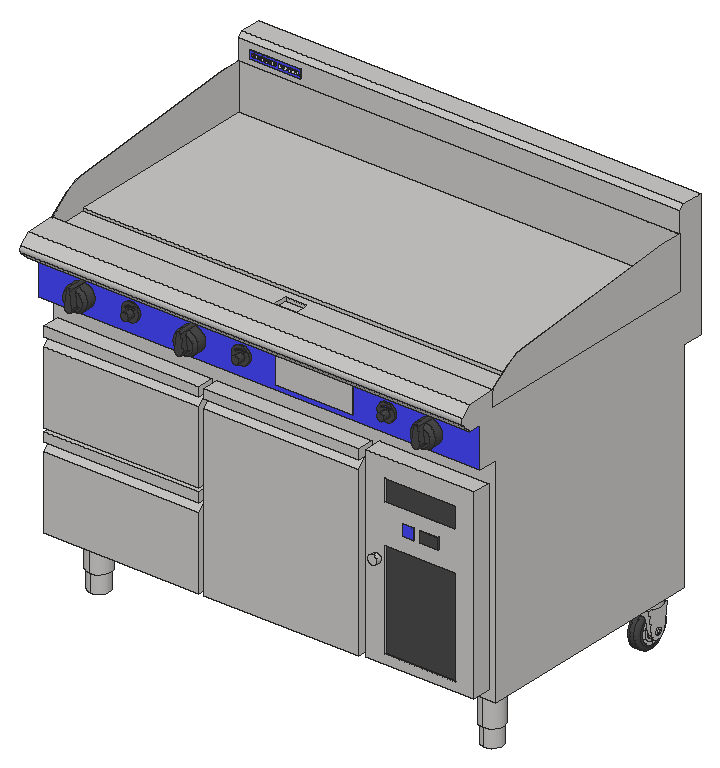
Revit family "QF_MOFFAT_BLUESEAL_CE_GP518-RB", category Specialty Equipment, Revit 2012
Parameters
  Weight in Pounds = 533  # constant formula
  Watts = Volts * FL Amps  # 414 W
  Volts = 230 V
  URL Cutsheet = "www.moffat.com"
  URL = "www.moffat.com"
  Type Mark [instance] = ""
  Status [instance] = ""
  Specification by User [instance] = ""
  Specification by Manufacturer = ""
  Show Logo [instance] = yes
  Show Clearance [instance] = yes
  Show Casters [instance] = yes
  Serial Number = ""
  Seismic Rating = ""
  SMACNA No = ""
  Revision Code [instance] = ""
  Refrigerant Type = "R134a"
  Phase = 1
  Omniclass Number and Title = ""
  Number of Poles = 1
  NAFEM Spec ID Number = ""
  Model = "GP518-RB"
  Min Ckt Ampacity = 0 A
  Mechanical Remarks [instance] = ""
  Mechanical Connection Type [instance] = ""
  Max Overcurrent Protection = 0 A
  Masterspec = ""
  Manufacturer = "MOFFAT BLUESEAL"
  Legs [instance] = not(Show Casters)  # no
  Item Number [instance] = ""
  Installed By [instance] = ""
  Identify Quantity as Lot [instance] = yes
  HP = ""
  Gas Size = 3/4"
  Gas RI Height [instance] = 0.0 mm
  Gas KW = 31
  Gas Input = 105700.0 Btu/h
  Gas Connection Height = 0.0 mm
  Furnished By [instance] = ""
  Foodservice Equipment Identifier [instance] = yes
  FL Amps = 1.8 A
  Elec Conn RI Height = 0.0 mm
  Elec Conn Connection Height = 0.0 mm
  Description = "1200MM GAS GRIDDLE PLATE ON REFRIGERATED BASE"
  Cycle = 50 Hz
  Conn Plug = ""
  Conn Conduit = yes
  CSI MasterFormat = ""
  CSI Master Format = ""
  Body Height [instance] = 915.0 mm
  Base Height [instance] = 150.0 mm
  Apparent Power = if(Phase = 3, Volts * FL Amps * 1.73, Volts * FL Amps)  # 414 VA
Reference planes
  plane 1 "BACK": y = 0
  plane 2: z = 0
  plane 3 "LEFT": x = 0
  plane 4 "RIGHT": x = 1200
  plane 5 "FRONT": y = -812
  plane 6 "TOP": z = 970
  plane 7 "Center Y": x = 600
  plane 8 "Center X": y = -406
  plane 9 "Base Height": z = 150
  plane 10: x = 1134
  plane 11: x = 65
  plane 12: z = 915
  plane 13: x = 973
  plane 14: y = -625
  plane 15: y = -100
  plane 16: z = 1085
  plane 17: x = 1181
Forms (mm)
  Extrusion 1, solid, material "QF_Finishes_Stainless Steel"
    sketch origin (0, 0, 0) x (0, 1, 0) y (0, 0, 1)
      loop
        line (0, 740) -> (0, 1085) -> (-57.5, 1085) -> (-70, 1072.5) -> (-70, 875) -> (-705, 875) -> (-705, 915) -> (-783.97, 915) -> (-808.485, 890.485)
        arc (-808.485, 890.485) -> (-811.999, 882) -> (-808.485, 873.515) r 12
        line (-808.485, 873.515) -> (-784.97, 850) -> (-749, 850) -> (-749, 740) -> (-697, 740) -> (-697, 150) -> (-57, 150) -> (-57, 740) -> (0, 740)
    from 0 to 1200
  Extrusion 2, solid, material "QF_Finishes_Stainless Steel"
    sketch origin (705, 3, 100) x (1, 0, 0) y (0, 1, 0)
      loop
        circle (365, -35) r 9.525
    from 555 to 640
  Revolve 3, solid, material "QF_Finishes_Stainless Steel"
    sketch origin (65, -735, 0) x (0, 1, 0) y (0, 0, 1)
      loop
        line (78.25, 150) -> (78.25, 50) -> (82.5, 50) -> (82.5, 0) -> (110, 0) -> (110, 150) -> (78.25, 150)
      axis (110, 150) -> (110, 0)
    angle from 0 to 360
  Revolve 4, solid, material "QF_Finishes_Stainless Steel"
    sketch origin (1134, -735, 0) x (0, 1, 0) y (0, 0, -1)
      loop
        line (78.25, -150) -> (110, -150) -> (110, 0) -> (82.5, 0) -> (82.5, -50) -> (78.25, -50) -> (78.25, -150)
      axis (110, -150) -> (110, 0)
    angle from 0 to 360
  Extrusion 5, solid, material "QF_Finishes_Stainless Steel"
    sketch origin (0, 0, 0) x (0, 1, 0) y (0, 0, 1)
      loop
        line (-754, 678) -> (-754, 653) -> (-709.18, 653) -> (-709.18, 678) -> (-754, 678)
      loop
        line (-754, 421) -> (-754, 396) -> (-709.18, 396) -> (-709.18, 421) -> (-754, 421)
    from 19 to 439
  Extrusion 6, solid, material "QF_Door-Drawer Clearances", visible <- "Show Clearance", detail levels coarse
    sketch origin (0, -747, 174) x (0, 0, 1) y (-1, 0, 0)
      loop
        line (0, -19) -> (0, -439) -> (247, -439) -> (247, -19) -> (0, -19)
      loop
        line (257, -19) -> (257, -439) -> (504, -439) -> (504, -19) -> (257, -19)
    from 0 to 304.8
  Extrusion 7, solid, material "QF_Finishes_Stainless Steel"
    sketch origin (0, 0, 0) x (0, 1, 0) y (0, 0, 1)
      loop
        line (-709.18, 174) -> (-709.18, 650.613) -> (-731.387, 650.613) -> (-754, 628) -> (-754, 174) -> (-709.18, 174)
    from 453 to 873
  Extrusion 8, solid, material "QF_Door-Drawer Clearances", visible <- "Show Clearance", detail levels coarse
    sketch origin (0, -754, 174) x (1, 0, 0) y (0, -1, 0)
      loop
        line (453, 0) -> (873, 0) -> (873, 420)
        arc (873, 420) -> (576.015, 296.985) -> (453, 0) r 420
    from 0 to -504
  Extrusion 9, solid, material "QF_Finishes_Stainless Steel"
    sketch origin (0, -57, 735) x (0, 0, 1) y (1, 0, 0)
      loop
        circle (-315, 920) r 6.35
    from 0 to 1.6
  Extrusion 10, solid, material "QF_Finishes_Stainless Steel"
    sketch origin (0, 0, 0) x (0, 1, 0) y (0, 0, 1)
      loop
        line (-754, 431) -> (-709.18, 431) -> (-709.18, 650.613) -> (-731.387, 650.613) -> (-754, 628) -> (-754, 431)
      loop
        line (-754, 174) -> (-709.18, 174) -> (-709.18, 393.613) -> (-731.387, 393.613) -> (-754, 371) -> (-754, 174)
    from 19 to 439
  Extrusion 11, solid, material "QF_Finishes_Stainless Steel"
    sketch origin (0, 0, 0) x (0, 1, 0) y (0, 0, 1)
      loop
        line (-709.18, 653) -> (-709.18, 678) -> (-754, 678) -> (-754, 653) -> (-709.18, 653)
    from 453 to 873
  Revolve 12, solid, material "QF_Finishes_Stainless Steel", visible <- "Legs"
    sketch origin (65.5, -166, 0) x (0, 1, 0) y (0, 0, 1)
      loop
        line (34.25, 150) -> (34.25, 50) -> (38.5, 50) -> (38.5, 0) -> (66, 0) -> (66, 150) -> (34.25, 150)
      axis (66, 150) -> (66, 0)
    angle from 0 to 360
  Revolve 13, solid, material "QF_Finishes_Stainless Steel", visible <- "Show Casters"
    sketch origin (16.276, -100.755, -12.8) x (1, 0, 0) y (0, 0, 1)
      loop
        line (14.841, 63.604) -> (83.584, 63.604) -> (83.584, 67.109) -> (82.314, 68.379) -> (80.79, 68.379) -> (80.79, 71.826) -> (68.644, 71.826) -> (68.644, 81.79) -> (65.088, 83.843) -> (63.738, 92.179) -> (65.881, 92.179) -> (65.881, 98.529) -> (65.088, 98.529) -> (65.088, 104.879)
        arc (65.088, 104.879) -> (62.298, 111.614) -> (55.563, 114.404) r 9.525
        line (55.563, 114.404) -> (42.863, 114.404)
        arc (42.863, 114.404) -> (36.127, 111.614) -> (33.338, 104.879) r 9.525
        line (33.338, 104.879) -> (33.338, 98.529) -> (32.544, 98.529) -> (32.544, 92.179) -> (34.687, 92.179) -> (33.352, 83.932) -> (29.782, 81.871) -> (29.782, 71.826) -> (17.635, 71.826) -> (17.635, 68.379) -> (16.111, 68.379) -> (14.841, 67.109) -> (14.841, 63.604)
      axis (14.841, 63.604) -> (83.584, 63.604)
    angle from 0 to 360
  Extrusion 14, solid, material "QF_Finishes_Stainless Steel", visible <- "Show Casters"
    sketch origin (72.001, 132.353, -8.783) x (0, 1, 0) y (0, 0, 1)
      loop
        line (-200.603, 118.783) -> (-264.103, 118.783) -> (-251.746, 53.895)
        arc (-251.746, 53.895) -> (-232.353, 38.783) -> (-212.959, 53.895) r 20
        line (-212.959, 53.895) -> (-200.603, 118.783)
    from -35.667 to 22.923
  Revolve 15, solid, material "QF_Finishes_Stainless Steel", visible <- "Show Casters"
    sketch origin (65.5, -204, 0) x (0, 1, 0) y (0, 0, 1)
      loop
        line (68.25, 150) -> (68.25, 110) -> (104, 110) -> (104, 150) -> (68.25, 150)
      axis (104, 150) -> (104, 110)
    angle from 0 to 360
  Revolve 16, solid, material "QF_Finishes_Stainless Steel", visible <- "Legs"
    sketch origin (65.5, -166, 0) x (0, 1, 0) y (0, 0, 1)
      loop
        line (34.25, 150) -> (34.25, 50) -> (38.5, 50) -> (38.5, 0) -> (66, 0) -> (66, 150) -> (34.25, 150)
      axis (66, 150) -> (66, 0)
    angle from 0 to 360
  Revolve 17, solid, material "QF_Finishes_Stainless Steel", visible <- "Legs"
    sketch origin (1134.5, -166, 0) x (0, 1, 0) y (0, 0, -1)
      loop
        line (34.25, -150) -> (66, -150) -> (66, 0) -> (38.5, 0) -> (38.5, -50) -> (34.25, -50) -> (34.25, -150)
      axis (66, -150) -> (66, 0)
    angle from 0 to 360
  Revolve 18, solid, material "QF_Finishes_Stainless Steel", visible <- "Show Casters"
    sketch origin (1183.724, -100.755, -12.8) x (-1, 0, 0) y (0, 0, -1)
      loop
        line (14.841, -63.604) -> (14.841, -67.109) -> (16.111, -68.379) -> (17.635, -68.379) -> (17.635, -71.826) -> (29.782, -71.826) -> (29.782, -81.871) -> (33.352, -83.932) -> (34.687, -92.179) -> (32.544, -92.179) -> (32.544, -98.529) -> (33.338, -98.529) -> (33.338, -104.879)
        arc (33.338, -104.879) -> (36.127, -111.614) -> (42.863, -114.404) r 9.525
        line (42.863, -114.404) -> (55.563, -114.404)
        arc (55.563, -114.404) -> (62.298, -111.614) -> (65.088, -104.879) r 9.525
        line (65.088, -104.879) -> (65.088, -98.529) -> (65.881, -98.529) -> (65.881, -92.179) -> (63.738, -92.179) -> (65.088, -83.843) -> (68.644, -81.79) -> (68.644, -71.826) -> (80.79, -71.826) -> (80.79, -68.379) -> (82.314, -68.379) -> (83.584, -67.109) -> (83.584, -63.604) -> (14.841, -63.604)
      axis (14.841, -63.604) -> (83.584, -63.604)
    angle from 0 to 360
  Extrusion 19, solid, material "QF_Finishes_Stainless Steel", visible <- "Show Casters"
    sketch origin (1127.999, 132.353, -8.783) x (0, 1, 0) y (0, 0, -1)
      loop
        line (-200.603, -118.783) -> (-212.959, -53.895)
        arc (-212.959, -53.895) -> (-232.353, -38.783) -> (-251.746, -53.895) r 20
        line (-251.746, -53.895) -> (-264.103, -118.783) -> (-200.603, -118.783)
    from -35.667 to 22.923
  Revolve 20, solid, material "QF_Finishes_Stainless Steel", visible <- "Show Casters"
    sketch origin (1134.5, -204, 0) x (0, 1, 0) y (0, 0, -1)
      loop
        line (68.25, -150) -> (104, -150) -> (104, -110) -> (68.25, -110) -> (68.25, -150)
      axis (104, -150) -> (104, -110)
    angle from 0 to 360
  Revolve 21, solid, material "QF_Finishes_Stainless Steel", visible <- "Legs"
    sketch origin (1134.5, -166, 0) x (0, 1, 0) y (0, 0, -1)
      loop
        line (34.25, -150) -> (66, -150) -> (66, 0) -> (38.5, 0) -> (38.5, -50) -> (34.25, -50) -> (34.25, -150)
      axis (66, -150) -> (66, 0)
    angle from 0 to 360
  Revolve 22, solid, material "QF_Finishes_Black"
    sketch origin (127.5, 7, 757.8) x (0, 1, 0) y (0, 0, -1)
      loop
        line (-789, -69.5) -> (-766, -69.5) -> (-766, -42) -> (-756, -42) -> (-756, -37) -> (-800, -37) -> (-800, -63.651) -> (-789, -69.5)
      axis (-800, -37) -> (-756, -37)
    angle from 0 to 360
  Extrusion 23, solid, material "QF_Finishes_Black"
    sketch origin (265.77, 0, 757.958) x (-1, 0, 0) y (0, 0, -1)
      loop
        line (127.85, -26.064) -> (133.27, -68.983)
        arc (133.27, -68.983) -> (138.269, -73.87) -> (143.267, -68.983) r 5
        line (143.267, -68.983) -> (148.756, -24.898)
        arc (148.756, -24.898) -> (137.684, -14.399) -> (127.85, -26.064) r 10.487
    from 759 to 808
  Revolve 24, solid, material "QF_Finishes_Black"
    sketch origin (427.5, 7, 757.8) x (0, 1, 0) y (0, 0, -1)
      loop
        line (-789, -69.5) -> (-766, -69.5) -> (-766, -42) -> (-756, -42) -> (-756, -37) -> (-800, -37) -> (-800, -63.651) -> (-789, -69.5)
      axis (-800, -37) -> (-756, -37)
    angle from 0 to 360
  Extrusion 25, solid, material "QF_Finishes_Black"
    sketch origin (565.77, 0, 757.958) x (-1, 0, 0) y (0, 0, -1)
      loop
        line (127.85, -26.064) -> (133.27, -68.983)
        arc (133.27, -68.983) -> (138.269, -73.87) -> (143.267, -68.983) r 5
        line (143.267, -68.983) -> (148.756, -24.898)
        arc (148.756, -24.898) -> (137.684, -14.399) -> (127.85, -26.064) r 10.487
    from 759 to 808
  Revolve 26, solid, material "QF_Finishes_Black"
    sketch origin (1072.616, 7, 757.8) x (0, 1, 0) y (0, 0, -1)
      loop
        line (-789, -69.5) -> (-766, -69.5) -> (-766, -42) -> (-756, -42) -> (-756, -37) -> (-800, -37) -> (-800, -63.651) -> (-789, -69.5)
      axis (-800, -37) -> (-756, -37)
    angle from 0 to 360
  Extrusion 27, solid, material "QF_Finishes_Black"
    sketch origin (1210.885, 0, 757.958) x (-1, 0, 0) y (0, 0, -1)
      loop
        line (127.85, -26.064) -> (133.27, -68.983)
        arc (133.27, -68.983) -> (138.269, -73.87) -> (143.267, -68.983) r 5
        line (143.267, -68.983) -> (148.756, -24.898)
        arc (148.756, -24.898) -> (137.684, -14.399) -> (127.85, -26.064) r 10.487
    from 759 to 808
  Extrusion 28, solid, material "QF_Finishes_Stainless Steel"
    sketch origin (0, -749, 850) x (0, 0, -1) y (1, 0, 0)
      loop
        line (9.201, 855) -> (9.201, 645) -> (96.1, 645) -> (96.1, 855) -> (9.201, 855)
    from 0 to 1
  Extrusion 29, solid, material "QF_Finishes_Black"
    sketch origin (0, -750, 850) x (0, 0, -1) y (1, 0, 0)
      loop
        line (9.201, 855) -> (9.201, 645) -> (14.201, 645) -> (14.201, 855) -> (9.201, 855)
    from 0 to 10
  Extrusion 30, solid, material "QF_Finishes_Stainless Steel"
    sketch origin (0, -697, 222.5) x (0, 0, -1) y (1, 0, 0)
      loop
        line (-455.5, 1181) -> (-455.5, 887) -> (48.5, 887) -> (48.5, 1181) -> (-455.5, 1181)
      loop
        line (23.5, 1131) -> (-241.5, 1131) -> (-241.5, 937) -> (23.5, 937) -> (23.5, 1131)
      loop
        line (-405.5, 1131) -> (-405.5, 937) -> (-345.5, 937) -> (-345.5, 1131) -> (-405.5, 1131)
    from 0 to 48
  Extrusion 31, solid, material "QF_Finishes_Black"
    sketch origin (0, -745, 222.5) x (0, 0, -1) y (1, 0, 0)
      loop
        line (-311.04, 1035.003) -> (-281.04, 1035.003) -> (-281.04, 1083.315) -> (-311.04, 1083.315) -> (-311.04, 1035.003)
    from 0 to 2
  Extrusion 32, solid, material "QF_Finishes_Stainless Steel"
    sketch origin (0, -745, 222.5) x (0, 0, -1) y (1, 0, 0)
      loop
        circle (-202.271, 914.856) r 12.395
    from 0 to 12.7
  Extrusion 33, solid, material "QF_Finishes_Vents"
    sketch origin (0, -697, 222.5) x (0, 0, 1) y (1, 0, 0)
      loop
        line (345.5, 937) -> (405.5, 937) -> (405.5, 1131) -> (345.5, 1131) -> (345.5, 937)
      loop
        line (241.5, 937) -> (241.5, 1131) -> (-23.5, 1131) -> (-23.5, 937) -> (241.5, 937)
    from 0 to -44.529
  Extrusion 34, solid, material "QF_Finishes_Blue"
    sketch origin (0, -745, 222.5) x (0, 0, -1) y (1, 0, 0)
      loop
        line (-311.04, 987.426) -> (-281.04, 987.426) -> (-281.04, 1017.426) -> (-311.04, 1017.426) -> (-311.04, 987.426)
    from 0 to 2
  Extrusion 35, solid, material "QF_Finishes_Black"
    sketch origin (17.5, -749, 864.095) x (0, 0, -1) y (1, 0, 0)
      loop
        circle (70, 235) r 24
      loop
        arc (60.1, 249.913) -> (52.064, 235.125) -> (59.882, 220.219) r 17.868
        arc (59.882, 220.219) -> (60.362, 219.934) -> (60.877, 220.149) r 0.621
        arc (60.877, 220.149) -> (62.314, 222.708) -> (62.658, 225.622) r 7.495
        arc (62.658, 225.622) -> (62.454, 226.55) -> (62.006, 227.388) r 3.472
        arc (62.006, 227.388) -> (59.714, 234.851) -> (61.844, 242.362) r 13.786
        arc (61.844, 242.362) -> (62.484, 243.632) -> (62.749, 245.028) r 5.101
        arc (62.749, 245.028) -> (62.378, 247.547) -> (61.084, 249.739) r 6.611
        arc (61.084, 249.739) -> (60.622, 249.997) -> (60.1, 249.913) r 0.806
    from 0 to 5
  Extrusion 36, solid, material "QF_Finishes_Black"
    sketch origin (17.5, -754, 864.095) x (0, 0, -1) y (1, 0, 0)
      loop
        circle (73.5, 235) r 10
    from 0 to 18.251
  Extrusion 37, solid, material "QF_Finishes_Black"
    sketch origin (318.125, -749, 864.095) x (0, 0, -1) y (1, 0, 0)
      loop
        circle (70, 235) r 24
      loop
        arc (60.1, 249.913) -> (52.064, 235.125) -> (59.882, 220.219) r 17.868
        arc (59.882, 220.219) -> (60.362, 219.934) -> (60.877, 220.149) r 0.621
        arc (60.877, 220.149) -> (62.314, 222.708) -> (62.658, 225.622) r 7.495
        arc (62.658, 225.622) -> (62.454, 226.55) -> (62.006, 227.388) r 3.472
        arc (62.006, 227.388) -> (59.714, 234.851) -> (61.844, 242.362) r 13.786
        arc (61.844, 242.362) -> (62.484, 243.632) -> (62.749, 245.028) r 5.101
        arc (62.749, 245.028) -> (62.378, 247.547) -> (61.084, 249.739) r 6.611
        arc (61.084, 249.739) -> (60.622, 249.997) -> (60.1, 249.913) r 0.806
    from 0 to 5
  Extrusion 38, solid, material "QF_Finishes_Black"
    sketch origin (318.125, -754, 864.095) x (0, 0, -1) y (1, 0, 0)
      loop
        circle (73.5, 235) r 10
    from 0 to 18.251
  Extrusion 39, solid, material "QF_Finishes_Black"
    sketch origin (713.125, -749, 864.095) x (0, 0, -1) y (1, 0, 0)
      loop
        circle (70, 235) r 24
      loop
        arc (60.1, 249.913) -> (52.064, 235.125) -> (59.882, 220.219) r 17.868
        arc (59.882, 220.219) -> (60.362, 219.934) -> (60.877, 220.149) r 0.621
        arc (60.877, 220.149) -> (62.314, 222.708) -> (62.658, 225.622) r 7.495
        arc (62.658, 225.622) -> (62.454, 226.55) -> (62.006, 227.388) r 3.472
        arc (62.006, 227.388) -> (59.714, 234.851) -> (61.844, 242.362) r 13.786
        arc (61.844, 242.362) -> (62.484, 243.632) -> (62.749, 245.028) r 5.101
        arc (62.749, 245.028) -> (62.378, 247.547) -> (61.084, 249.739) r 6.611
        arc (61.084, 249.739) -> (60.622, 249.997) -> (60.1, 249.913) r 0.806
    from 0 to 5
  Extrusion 40, solid, material "QF_Finishes_Black"
    sketch origin (713.125, -754, 864.095) x (0, 0, -1) y (1, 0, 0)
      loop
        circle (73.5, 235) r 10
    from 0 to 18.251
Lines and regions (mm)
  Split face 1
    outline origin (0, -22, 1085) x (0, 1, 0) y (-1, 0, 0)
      loop
        arc (-23.385, -1164.794) -> (-18.385, -1173.455) -> (-8.385, -1173.455) r 10
        line (-8.385, -1173.455) -> (-1.385, -1169.413)
        arc (-1.385, -1169.413) -> (2.275, -1165.753) -> (3.615, -1160.753) r 10
        line (3.615, -1160.753) -> (3.615, -932.794)
        arc (3.615, -932.794) -> (-1.385, -924.134) -> (-11.385, -924.134) r 10
        line (-11.385, -924.134) -> (-18.385, -928.176)
        arc (-18.385, -928.176) -> (-22.045, -931.836) -> (-23.385, -936.836) r 10
        line (-23.385, -936.836) -> (-23.385, -1164.794)
  Split face 2
    outline origin (0, -22, 1085) x (0, 1, 0) y (-1, 0, 0)
      loop
        arc (-23.385, -864.794) -> (-18.385, -873.455) -> (-8.385, -873.455) r 10
        line (-8.385, -873.455) -> (-1.385, -869.413)
        arc (-1.385, -869.413) -> (2.275, -865.753) -> (3.615, -860.753) r 10
        line (3.615, -860.753) -> (3.615, -632.794)
        arc (3.615, -632.794) -> (-1.385, -624.134) -> (-11.385, -624.134) r 10
        line (-11.385, -624.134) -> (-18.385, -628.176)
        arc (-18.385, -628.176) -> (-22.045, -631.836) -> (-23.385, -636.836) r 10
        line (-23.385, -636.836) -> (-23.385, -864.794)
  Split face 3
    outline origin (0, -22, 1085) x (0, 1, 0) y (-1, 0, 0)
      loop
        arc (-23.385, -564.794) -> (-18.385, -573.455) -> (-8.385, -573.455) r 10
        line (-8.385, -573.455) -> (-1.385, -569.413)
        arc (-1.385, -569.413) -> (2.275, -565.753) -> (3.615, -560.753) r 10
        line (3.615, -560.753) -> (3.615, -332.794)
        arc (3.615, -332.794) -> (-1.385, -324.134) -> (-11.385, -324.134) r 10
        line (-11.385, -324.134) -> (-18.385, -328.176)
        arc (-18.385, -328.176) -> (-22.045, -331.836) -> (-23.385, -336.836) r 10
        line (-23.385, -336.836) -> (-23.385, -564.794)
  Split face 4
    outline origin (0, -22, 1085) x (0, 1, 0) y (-1, 0, 0)
      loop
        arc (-23.385, -264.794) -> (-18.385, -273.455) -> (-8.385, -273.455) r 10
        line (-8.385, -273.455) -> (-1.385, -269.413)
        arc (-1.385, -269.413) -> (2.275, -265.753) -> (3.615, -260.753) r 10
        line (3.615, -260.753) -> (3.615, -32.794)
        arc (3.615, -32.794) -> (-1.385, -24.134) -> (-11.385, -24.134) r 10
        line (-11.385, -24.134) -> (-18.385, -28.176)
        arc (-18.385, -28.176) -> (-22.045, -31.836) -> (-23.385, -36.836) r 10
        line (-23.385, -36.836) -> (-23.385, -264.794)
  symbolic lines, style "QF_Door-Drawer Clearances"
    curve 1: line (19, -812, 150) -> (19, -1051.8, 150)
    curve 2: line (19, -1051.8, 150) -> (439, -1051.8, 150)
    curve 3: line (439, -1051.8, 150) -> (439, -812, 150)
    curve 4: arc (512.99, -970.316, 150) -> (477.409, -895.095, 150) -> (457.356, -814.336, 150) r 420
    curve 5: line (776.472, -812, 150) -> (512.99, -970.316, 150)
  symbolic lines, style "SpecialityEquipmentHiddenLines", visible <- "Show Casters"
    curve 6: line (78.456, -46.735, 0) -> (105.952, -62.61, 0)
    curve 7: line (27.656, -134.723, 0) -> (78.456, -46.735, 0)
    curve 8: line (55.152, -150.598, 0) -> (27.656, -134.723, 0)
    curve 9: line (105.952, -62.61, 0) -> (55.152, -150.598, 0)
    curve 10: line (1125.152, -150.598, 0) -> (1097.656, -134.723, 0)
    curve 11: line (1175.952, -62.61, 0) -> (1125.152, -150.598, 0)
    curve 52: line (1148.456, -46.735, 0) -> (1097.656, -134.723, 0)
    curve 53: line (1175.952, -62.61, 0) -> (1148.456, -46.735, 0)
  symbolic lines
    curve 12: line (32.794, -18.385, 0) -> (260.753, -18.385, 0)
    curve 13: arc (260.753, -18.385, 0) -> (265.753, -19.725, 0) -> (269.413, -23.385, 0) r 10
    curve 14: line (269.413, -23.385, 0) -> (273.455, -30.385, 0)
    curve 15: arc (273.455, -30.385, 0) -> (273.455, -40.385, 0) -> (264.794, -45.385, 0) r 10
    curve 16: line (264.794, -45.385, 0) -> (36.836, -45.385, 0)
    curve 17: arc (36.836, -45.385, 0) -> (31.836, -44.045, 0) -> (28.176, -40.385, 0) r 10
    curve 18: line (28.176, -40.385, 0) -> (24.134, -33.385, 0)
    curve 19: arc (24.134, -33.385, 0) -> (24.134, -23.385, 0) -> (32.794, -18.385, 0) r 10
    curve 20: line (560.753, -18.385, 0) -> (332.794, -18.385, 0)
    curve 21: arc (332.794, -18.385, 0) -> (324.134, -23.385, 0) -> (324.134, -33.385, 0) r 10
    curve 22: line (324.134, -33.385, 0) -> (328.176, -40.385, 0)
    curve 23: arc (328.176, -40.385, 0) -> (331.836, -44.045, 0) -> (336.836, -45.385, 0) r 10
    curve 24: line (336.836, -45.385, 0) -> (564.794, -45.385, 0)
    curve 25: arc (564.794, -45.385, 0) -> (573.455, -40.385, 0) -> (573.455, -30.385, 0) r 10
    curve 26: line (573.455, -30.385, 0) -> (569.413, -23.385, 0)
    curve 27: arc (569.413, -23.385, 0) -> (565.753, -19.725, 0) -> (560.753, -18.385, 0) r 10
    curve 28: line (632.794, -18.385, 0) -> (860.753, -18.385, 0)
    curve 29: arc (860.753, -18.385, 0) -> (865.753, -19.725, 0) -> (869.413, -23.385, 0) r 10
    curve 30: line (869.413, -23.385, 0) -> (873.455, -30.385, 0)
    curve 31: arc (873.455, -30.385, 0) -> (873.455, -40.385, 0) -> (864.794, -45.385, 0) r 10
    curve 32: line (864.794, -45.385, 0) -> (636.836, -45.385, 0)
    curve 33: arc (636.836, -45.385, 0) -> (631.836, -44.045, 0) -> (628.176, -40.385, 0) r 10
    curve 34: line (628.176, -40.385, 0) -> (624.134, -33.385, 0)
    curve 35: arc (624.134, -33.385, 0) -> (624.134, -23.385, 0) -> (632.794, -18.385, 0) r 10
    curve 36: line (1160.753, -18.385, 0) -> (932.794, -18.385, 0)
    curve 37: arc (932.794, -18.385, 0) -> (924.134, -23.385, 0) -> (924.134, -33.385, 0) r 10
    curve 38: line (924.134, -33.385, 0) -> (928.176, -40.385, 0)
    curve 39: arc (928.176, -40.385, 0) -> (931.836, -44.045, 0) -> (936.836, -45.385, 0) r 10
    curve 40: line (936.836, -45.385, 0) -> (1164.794, -45.385, 0)
    curve 41: arc (1164.794, -45.385, 0) -> (1173.455, -40.385, 0) -> (1173.455, -30.385, 0) r 10
    curve 42: line (1173.455, -30.385, 0) -> (1169.413, -23.385, 0)
    curve 43: arc (1169.413, -23.385, 0) -> (1165.753, -19.725, 0) -> (1160.753, -18.385, 0) r 10
    curve 44: line (1200, 0, 0) -> (0, 0, 0)
    curve 45: line (1200, -57, 0) -> (0, -57, 0)
    curve 46: line (0, -70, 0) -> (1200, -70, 0)
    curve 47: line (-1, -705, 0) -> (1199, -705, 0)
    curve 48: line (0, -783.97, 0) -> (1200, -783.97, 0)
    curve 49: line (0, -811.999, 0) -> (1200, -811.999, 0)
    curve 50: line (1200, -811.999, 0) -> (1200, 0, 0)
    curve 51: line (0, 0, 0) -> (0, -811.999, 0)
Dimensions and locks
  equal spacing: plane 3 "LEFT", plane 7 "Center Y", plane 4 "RIGHT"
  plane 3 "LEFT" to plane 4 "RIGHT" = 1200.0 mm
  equal spacing: plane 5 "FRONT", plane 8 "Center X", plane 1 "BACK"
  plane 5 "FRONT" to plane 1 "BACK" = 812.0 mm
  "Base Height": plane 9 "Base Height" to level
  plane 6 "TOP" to level = 970.0 mm
  plane 10 to plane 11 = 1069.0 mm
  level to Extrusion 2 = 655.0 mm
  Extrusion 1 to Extrusion 5 = 19.0 mm
  plane 14 to plane 15 = 525.0 mm
  plane 16 to plane 2 = 1085.0 mm
  Extrusion 9 sketch curve to plane 4 "RIGHT" = 280.0 mm
  Extrusion 9 sketch curve to plane 2 = 420.0 mm
  Revolve 13 sketch curve to Revolve 13 sketch curve = 50.8 mm
  Revolve 18 sketch curve to Revolve 18 sketch curve = 50.8 mm
  Extrusion 30 sketch curve to Extrusion 30 sketch curve = 294.0 mm
  Extrusion 2 sketch curve to plane 4 "RIGHT" = 130.0 mm
  aligned and locked: level to plane 2
Automatic sketch dimensions
  Extrusion 1 sketch curve to plane 12 = 0.0 mm
  Extrusion 1 sketch curve to plane 9 "Base Height" = 0.0 mm
  Extrusion 1 sketch curve to plane 1 "BACK" = 0.0 mm
  plane 16 to Extrusion 1 sketch curve = 0.0 mm
  plane 1 "BACK" to Extrusion 1 sketch curve = 57.5 mm
  Extrusion 1 sketch curve to Extrusion 1 sketch curve = 12.5 mm
  plane 15 to Extrusion 1 sketch curve = 43.0 mm
  Extrusion 1 sketch curve to plane 14 = 72.0 mm
  Extrusion 1 sketch curve to plane 12 = 40.0 mm
  Extrusion 1 sketch curve to plane 14 = 80.0 mm
  Extrusion 1 sketch curve to Extrusion 1 sketch curve = 44.0 mm
  Extrusion 1 sketch curve to plane 5 "FRONT" = 28.03 mm
  Extrusion 1 sketch curve to plane 5 "FRONT" = 27.03 mm
  Extrusion 1 sketch curve to plane 5 "FRONT" = 12.001 mm
  Extrusion 1 sketch curve to plane 5 "FRONT" = 3.515 mm  (x2)
  Extrusion 1 sketch curve to Extrusion 1 sketch curve = 135.0 mm  (x2)
  Extrusion 1 sketch curve to plane 12 = 65.0 mm
  Extrusion 1 sketch curve to Extrusion 1 sketch curve = 23.515 mm
  Extrusion 1 sketch curve to Extrusion 1 sketch curve = 8.485 mm
  Extrusion 1 sketch curve to plane 16 = 12.5 mm
  plane 1 "BACK" to Extrusion 2 sketch curve = 32.0 mm
  Revolve 3 sketch curve to plane 9 "Base Height" = 0.0 mm
  Revolve 3 sketch curve to level = 0.0 mm
  Revolve 3 sketch curve to plane 14 = 0.0 mm  (x2)
  Revolve 3 sketch curve to plane 14 = 27.5 mm
  Revolve 3 sketch curve to Revolve 3 sketch curve = 31.75 mm
  Revolve 3 sketch curve to Revolve 3 sketch curve = 55.0 mm
  level to Revolve 3 sketch curve = 50.0 mm
  Revolve 3 sketch curve to Revolve 3 sketch curve = 0.0 mm
  Revolve 4 sketch curve to plane 9 "Base Height" = 0.0 mm
  Revolve 4 sketch curve to level = 0.0 mm
  Revolve 4 sketch curve to plane 14 = 0.0 mm  (x2)
  Revolve 4 sketch curve to plane 14 = 27.5 mm
  Revolve 4 sketch curve to plane 14 = 31.75 mm
  level to Revolve 4 sketch curve = 50.0 mm
  Revolve 4 sketch curve to Revolve 4 sketch curve = 0.0 mm
  Revolve 4 sketch curve to Revolve 4 sketch curve = 55.0 mm
  Extrusion 5 sketch curve to plane 5 "FRONT" = 58.0 mm  (x2)
  Extrusion 5 sketch curve to Extrusion 5 sketch curve = 44.82 mm  (x2)
  plane 9 "Base Height" to Extrusion 5 sketch curve = 246.0 mm
  Extrusion 5 sketch curve to Extrusion 5 sketch curve = 25.0 mm  (x2)
  Extrusion 5 sketch curve to Extrusion 5 sketch curve = 232.0 mm
  plane 9 "Base Height" to Extrusion 6 sketch curve = 24.0 mm
  Extrusion 6 sketch curve to Extrusion 6 sketch curve = 247.0 mm
  Extrusion 6 sketch curve to Extrusion 6 sketch curve = 10.0 mm
  plane 3 "LEFT" to Extrusion 6 sketch curve = 19.0 mm  (x2)
  Extrusion 6 sketch curve to plane 12 = 237.0 mm
  Extrusion 6 sketch curve to plane 7 "Center Y" = 161.0 mm
  Extrusion 6 sketch curve to Extrusion 6 sketch curve = 0.0 mm
  Extrusion 7 sketch curve to plane 5 "FRONT" = 58.0 mm
  Extrusion 7 sketch curve to Extrusion 7 sketch curve = 22.613 mm  (x2)
  Extrusion 7 sketch curve to Extrusion 7 sketch curve = 22.207 mm
  plane 9 "Base Height" to Extrusion 7 sketch curve = 24.0 mm
  Extrusion 7 sketch curve to plane 12 = 287.0 mm
  Extrusion 8 sketch curve to Extrusion 7 = 0.0 mm  (x3)
  plane 5 "FRONT" to curve 5 = 0.0 mm
  plane 5 "FRONT" to curve 3 = 0.0 mm
  plane 5 "FRONT" to curve 1 = 0.0 mm
  curve 4 to plane 13 = 100.0 mm
  curve 4 to curve 5 = 96.528 mm
  curve 4 to plane 7 "Center Y" = 87.01 mm
  plane 5 "FRONT" to curve 4 = 2.336 mm
  curve 4 to plane 7 "Center Y" = 142.644 mm
  curve 4 to curve 3 = 18.356 mm
  plane 3 "LEFT" to curve 1 = 19.0 mm
  curve 4 to plane 5 "FRONT" = 58.0 mm
  curve 1 to curve 2 = 239.8 mm
  Extrusion 10 sketch curve to plane 5 "FRONT" = 58.0 mm  (x2)
  Extrusion 10 sketch curve to Extrusion 10 sketch curve = 22.613 mm  (x4)
  Extrusion 10 sketch curve to Extrusion 10 sketch curve = 22.207 mm
  Extrusion 10 sketch curve to Extrusion 10 sketch curve = 44.82 mm
  plane 9 "Base Height" to Extrusion 10 sketch curve = 24.0 mm
  Extrusion 10 sketch curve to Extrusion 10 sketch curve = 197.0 mm  (x2)
  Extrusion 10 sketch curve to Extrusion 10 sketch curve = 37.387 mm
  Extrusion 11 sketch curve to plane 5 "FRONT" = 58.0 mm
  Extrusion 11 sketch curve to Extrusion 11 sketch curve = 44.82 mm
  Extrusion 11 sketch curve to plane 12 = 262.0 mm
  Extrusion 11 sketch curve to Extrusion 11 sketch curve = 25.0 mm
  Revolve 12 sketch curve to plane 9 "Base Height" = 0.0 mm
  Revolve 12 sketch curve to level = 0.0 mm
  Revolve 12 sketch curve to plane 15 = 0.0 mm  (x2)
  Revolve 12 sketch curve to plane 15 = 27.5 mm
  Revolve 12 sketch curve to plane 15 = 31.75 mm
  Revolve 12 sketch curve to Revolve 12 sketch curve = 55.0 mm
  level to Revolve 12 sketch curve = 50.0 mm
  Revolve 12 sketch curve to Revolve 12 sketch curve = 0.0 mm
  plane 3 "LEFT" to Revolve 13 sketch curve = 31.118 mm
  Revolve 13 sketch curve to Revolve 13 sketch curve = 1.27 mm  (x4)
  Revolve 13 sketch curve to Revolve 13 sketch curve = 1.524 mm  (x2)
  Revolve 13 sketch curve to Revolve 13 sketch curve = 12.146 mm  (x2)
  Revolve 13 sketch curve to plane 11 = 16.18 mm
  Revolve 13 sketch curve to Revolve 13 sketch curve = 0.794 mm  (x2)
  Revolve 13 sketch curve to Revolve 13 sketch curve = 3.57 mm
  Revolve 13 sketch curve to Revolve 13 sketch curve = 2.143 mm
  Revolve 13 sketch curve to plane 11 = 5.861 mm
  plane 11 to Revolve 13 sketch curve = 5.63 mm
  plane 11 to Revolve 13 sketch curve = 6.839 mm
  plane 11 to Revolve 13 sketch curve = 15.015 mm
  Revolve 13 sketch curve to Revolve 13 sketch curve = 1.349 mm  (x2)
  Revolve 13 sketch curve to Revolve 13 sketch curve = 3.556 mm
  Revolve 13 sketch curve to Revolve 13 sketch curve = 33.32 mm
  level to Revolve 13 sketch curve = 50.804 mm
  Revolve 13 sketch curve to Revolve 13 sketch curve = 0.0 mm
  Revolve 13 sketch curve to Revolve 13 sketch curve = 3.505 mm  (x2)
  Revolve 13 sketch curve to Revolve 13 sketch curve = 3.447 mm  (x2)
  Revolve 13 sketch curve to Revolve 13 sketch curve = 9.964 mm
  Revolve 13 sketch curve to Revolve 13 sketch curve = 10.045 mm
  Revolve 13 sketch curve to Revolve 13 sketch curve = 2.053 mm
  Revolve 13 sketch curve to Revolve 13 sketch curve = 2.061 mm
  Revolve 13 sketch curve to Revolve 13 sketch curve = 8.247 mm
  Revolve 13 sketch curve to Revolve 13 sketch curve = 8.336 mm
  Revolve 13 sketch curve to Revolve 13 sketch curve = 6.35 mm  (x2)
  Extrusion 14 sketch curve to plane 15 = 0.0 mm
  Extrusion 14 sketch curve to plane 15 = 19.393 mm
  Extrusion 14 sketch curve to plane 15 = 31.75 mm
  plane 15 to Extrusion 14 sketch curve = 19.393 mm
  plane 15 to Extrusion 14 sketch curve = 31.75 mm
  level to Extrusion 14 sketch curve = 45.111 mm
  Extrusion 14 sketch curve to Extrusion 14 sketch curve = 4.889 mm
  Extrusion 14 sketch curve to plane 9 "Base Height" = 40.0 mm
  Revolve 15 sketch curve to plane 9 "Base Height" = 0.0 mm
  Revolve 15 sketch curve to plane 15 = 0.0 mm  (x2)
  Revolve 15 sketch curve to plane 15 = 35.75 mm
  Revolve 15 sketch curve to plane 9 "Base Height" = 40.0 mm
  level to Revolve 15 sketch curve = 50.0 mm
  Revolve 15 sketch curve to level = 55.0 mm
  Revolve 16 sketch curve to plane 9 "Base Height" = 0.0 mm
  Revolve 16 sketch curve to level = 0.0 mm
  Revolve 16 sketch curve to plane 15 = 0.0 mm  (x2)
  Revolve 16 sketch curve to Revolve 16 sketch curve = 27.5 mm
  Revolve 16 sketch curve to Revolve 16 sketch curve = 31.75 mm
  Revolve 16 sketch curve to Revolve 16 sketch curve = 55.0 mm
  level to Revolve 16 sketch curve = 50.0 mm
  Revolve 16 sketch curve to Revolve 16 sketch curve = 0.0 mm
  Revolve 17 sketch curve to plane 9 "Base Height" = 0.0 mm
  Revolve 17 sketch curve to level = 0.0 mm
  Revolve 17 sketch curve to plane 15 = 0.0 mm  (x2)
  Revolve 17 sketch curve to plane 15 = 27.5 mm
  Revolve 17 sketch curve to plane 15 = 31.75 mm
  level to Revolve 17 sketch curve = 50.0 mm
  Revolve 17 sketch curve to Revolve 17 sketch curve = 0.0 mm
  Revolve 17 sketch curve to Revolve 17 sketch curve = 55.0 mm
  plane 4 "RIGHT" to Revolve 18 sketch curve = 31.118 mm
  Revolve 18 sketch curve to Revolve 18 sketch curve = 1.27 mm  (x4)
  Revolve 18 sketch curve to Revolve 18 sketch curve = 1.524 mm  (x2)
  Revolve 18 sketch curve to Revolve 18 sketch curve = 12.146 mm  (x2)
  Revolve 18 sketch curve to Revolve 18 sketch curve = 2.762 mm
  Revolve 18 sketch curve to Revolve 18 sketch curve = 0.794 mm  (x2)
  Revolve 18 sketch curve to Revolve 18 sketch curve = 3.57 mm
  Revolve 18 sketch curve to Revolve 18 sketch curve = 2.143 mm
  plane 10 to Revolve 18 sketch curve = 6.861 mm
  Revolve 18 sketch curve to plane 10 = 4.63 mm
  Revolve 18 sketch curve to plane 10 = 5.839 mm
  Revolve 18 sketch curve to plane 10 = 14.015 mm
  Revolve 18 sketch curve to Revolve 18 sketch curve = 1.349 mm  (x2)
  Revolve 18 sketch curve to Revolve 18 sketch curve = 3.556 mm
  Revolve 18 sketch curve to Revolve 18 sketch curve = 33.32 mm
  Revolve 18 sketch curve to plane 9 "Base Height" = 48.396 mm
  Revolve 18 sketch curve to Revolve 18 sketch curve = 6.35 mm  (x4)
  Revolve 18 sketch curve to Revolve 18 sketch curve = 8.247 mm
  Revolve 18 sketch curve to Revolve 18 sketch curve = 8.336 mm
  Revolve 18 sketch curve to Revolve 18 sketch curve = 2.061 mm
  Revolve 18 sketch curve to Revolve 18 sketch curve = 2.053 mm
  Revolve 18 sketch curve to Revolve 18 sketch curve = 10.045 mm
  Revolve 18 sketch curve to Revolve 18 sketch curve = 9.964 mm
  Revolve 18 sketch curve to Revolve 18 sketch curve = 3.447 mm  (x2)
  Revolve 18 sketch curve to Revolve 18 sketch curve = 3.505 mm
  Extrusion 19 sketch curve to plane 15 = 0.0 mm
  Extrusion 19 sketch curve to plane 15 = 19.393 mm
  Extrusion 19 sketch curve to plane 15 = 31.75 mm
  plane 15 to Extrusion 19 sketch curve = 19.393 mm
  plane 15 to Extrusion 19 sketch curve = 31.75 mm
  Extrusion 19 sketch curve to plane 9 "Base Height" = 40.0 mm
  level to Extrusion 19 sketch curve = 50.0 mm
  Extrusion 19 sketch curve to Extrusion 19 sketch curve = 4.889 mm
  Revolve 20 sketch curve to plane 9 "Base Height" = 0.0 mm
  Revolve 20 sketch curve to plane 15 = 0.0 mm  (x2)
  Revolve 20 sketch curve to plane 15 = 35.75 mm
  Revolve 20 sketch curve to plane 9 "Base Height" = 40.0 mm
  level to Revolve 20 sketch curve = 50.0 mm
  Revolve 20 sketch curve to level = 55.0 mm
  Revolve 21 sketch curve to plane 9 "Base Height" = 0.0 mm
  Revolve 21 sketch curve to level = 0.0 mm
  Revolve 21 sketch curve to plane 15 = 0.0 mm  (x2)
  Revolve 21 sketch curve to Revolve 21 sketch curve = 27.5 mm
  Revolve 21 sketch curve to Revolve 21 sketch curve = 31.75 mm
  level to Revolve 21 sketch curve = 50.0 mm
  Revolve 21 sketch curve to Revolve 21 sketch curve = 0.0 mm
  Revolve 21 sketch curve to Revolve 21 sketch curve = 55.0 mm
  Split face 1 sketch curve to Extrusion 1 = 12.115 mm
  Split face 1 sketch curve to Split face 1 sketch curve = 5.0 mm  (x3)
  Split face 1 sketch curve to Split face 1 sketch curve = 10.0 mm  (x2)
  Split face 1 sketch curve to Split face 1 sketch curve = 7.0 mm  (x4)
  Split face 1 sketch curve to Extrusion 1 = 26.545 mm
  Split face 1 sketch curve to Split face 1 sketch curve = 4.041 mm  (x2)
  Split face 1 sketch curve to Split face 1 sketch curve = 223.917 mm
  Split face 2 sketch curve to Extrusion 1 = 12.115 mm
  Split face 2 sketch curve to Split face 2 sketch curve = 5.0 mm  (x3)
  Split face 2 sketch curve to Split face 2 sketch curve = 10.0 mm  (x2)
  Split face 2 sketch curve to Split face 2 sketch curve = 7.0 mm  (x4)
  Split face 2 sketch curve to Extrusion 1 = 326.545 mm
  Split face 2 sketch curve to Split face 2 sketch curve = 4.041 mm  (x2)
  Split face 2 sketch curve to Split face 2 sketch curve = 223.917 mm
  Split face 3 sketch curve to Extrusion 1 = 12.115 mm
  Split face 3 sketch curve to Split face 3 sketch curve = 5.0 mm  (x3)
  Split face 3 sketch curve to Split face 3 sketch curve = 10.0 mm  (x2)
  Split face 3 sketch curve to Split face 3 sketch curve = 7.0 mm  (x4)
  Split face 3 sketch curve to Extrusion 1 = 573.455 mm
  Split face 3 sketch curve to Split face 3 sketch curve = 4.041 mm  (x2)
  Split face 3 sketch curve to Split face 3 sketch curve = 223.917 mm
  Split face 4 sketch curve to Extrusion 1 = 12.115 mm
  Split face 4 sketch curve to Split face 4 sketch curve = 5.0 mm  (x3)
  Split face 4 sketch curve to Split face 4 sketch curve = 10.0 mm  (x2)
  Split face 4 sketch curve to Split face 4 sketch curve = 7.0 mm  (x4)
  Split face 4 sketch curve to Extrusion 1 = 273.455 mm
  Split face 4 sketch curve to Split face 4 sketch curve = 4.041 mm  (x2)
  Split face 4 sketch curve to Extrusion 1 = 36.836 mm
  curve 45 to plane 3 "LEFT" = 0.0 mm
  curve 48 to plane 4 "RIGHT" = 0.0 mm
  plane 1 "BACK" to curve 44 = 0.0 mm
  curve 47 to plane 3 "LEFT" = 1.0 mm
  plane 3 "LEFT" to curve 18 = 24.134 mm
  plane 3 "LEFT" to curve 8 = 27.656 mm
  curve 19 to curve 17 = 4.041 mm
  curve 18 to curve 19 = 8.66 mm
  curve 17 to curve 17 = 8.66 mm
  curve 8 to plane 11 = 9.848 mm
  plane 11 to curve 7 = 13.456 mm
  plane 1 "BACK" to curve 12 = 18.385 mm
  curve 6 to curve 12 = 154.801 mm
  curve 13 to curve 15 = 4.041 mm  (x2)
  curve 13 to curve 13 = 8.66 mm
  curve 14 to curve 21 = 50.679 mm
  curve 22 to curve 23 = 4.041 mm
  curve 21 to curve 21 = 8.66 mm
  curve 23 to curve 23 = 8.66 mm
  plane 1 "BACK" to curve 27 = 18.385 mm
  curve 27 to plane 7 "Center Y" = 39.247 mm
  curve 27 to curve 24 = 4.041 mm
  plane 1 "BACK" to curve 26 = 23.385 mm
  curve 27 to curve 26 = 8.66 mm
  curve 26 to curve 25 = 4.041 mm
  plane 7 "Center Y" to curve 35 = 24.134 mm
  curve 35 to curve 34 = 4.041 mm
  curve 34 to curve 28 = 8.66 mm
  curve 33 to curve 32 = 8.66 mm
  plane 1 "BACK" to curve 29 = 18.385 mm
  curve 29 to plane 13 = 112.247 mm
  curve 29 to curve 31 = 4.041 mm
  curve 29 to curve 29 = 8.66 mm
  plane 1 "BACK" to curve 30 = 30.385 mm
  curve 29 to curve 30 = 4.041 mm
  curve 38 to plane 13 = 48.866 mm
  curve 37 to curve 38 = 4.041 mm
  curve 37 to curve 37 = 8.66 mm
  curve 37 to curve 39 = 4.041 mm
  curve 52 to plane 10 = 36.344 mm
  curve 10 to plane 10 = 8.848 mm
  plane 10 to curve 53 = 14.456 mm
  curve 53 to curve 43 = 12.297 mm
  curve 43 to curve 41 = 4.041 mm
  curve 43 to curve 42 = 8.66 mm
  curve 43 to curve 42 = 4.041 mm
  plane 4 "RIGHT" to curve 47 = 1.0 mm
  curve 34 to curve 28 = 15.0 mm
  curve 18 to curve 12 = 15.0 mm
  curve 21 to curve 20 = 15.0 mm
  plane 1 "BACK" to curve 38 = 33.385 mm
  curve 31 to curve 31 = 5.0 mm
  curve 25 to curve 27 = 7.0 mm
  curve 15 to curve 12 = 17.0 mm
  curve 17 to curve 19 = 7.0 mm
  curve 33 to curve 35 = 7.0 mm
  curve 23 to curve 21 = 7.0 mm
  plane 1 "BACK" to curve 41 = 35.385 mm
  curve 39 to curve 37 = 2.0 mm
  curve 39 to curve 37 = 7.0 mm  (x2)
  curve 18 to curve 19 = 7.0 mm
  curve 22 to curve 22 = 7.0 mm
  curve 53 to curve 41 = 1.35 mm
  curve 6 to curve 17 = 1.35 mm
  curve 45 to curve 41 = 11.615 mm
  curve 53 to curve 41 = 17.225 mm
  curve 6 to curve 6 = 15.875 mm
  curve 46 to curve 45 = 13.0 mm
  curve 47 to plane 14 = 80.0 mm
  curve 48 to plane 5 "FRONT" = 28.03 mm
  curve 51 to plane 5 "FRONT" = 0.001 mm
  curve 31 to curve 29 = 7.0 mm
  curve 15 to curve 13 = 7.0 mm
  curve 41 to curve 43 = 7.0 mm
  Revolve 22 sketch curve to plane 5 "FRONT" = 19.0 mm
  Revolve 22 sketch curve to Revolve 22 sketch curve = 0.0 mm  (x2)
  Revolve 22 sketch curve to Revolve 22 sketch curve = 11.0 mm
  Revolve 22 sketch curve to Revolve 22 sketch curve = 12.7 mm
  Revolve 22 sketch curve to Revolve 22 sketch curve = 23.0 mm
  Revolve 22 sketch curve to Revolve 22 sketch curve = 10.0 mm
  Revolve 22 sketch curve to plane 12 = 87.7 mm
  Revolve 22 sketch curve to Revolve 22 sketch curve = 5.849 mm
  Revolve 22 sketch curve to Revolve 22 sketch curve = 27.5 mm
  Revolve 22 sketch curve to Revolve 22 sketch curve = 5.0 mm
  plane 11 to Extrusion 23 sketch curve = 72.92 mm
  Extrusion 23 sketch curve to Extrusion 23 sketch curve = 5.421 mm
  Extrusion 23 sketch curve to Extrusion 23 sketch curve = 10.419 mm
  Extrusion 23 sketch curve to Extrusion 23 sketch curve = 4.999 mm  (x2)
  Extrusion 23 sketch curve to plane 12 = 88.059 mm
  Extrusion 23 sketch curve to Extrusion 23 sketch curve = 10.487 mm
  Extrusion 23 sketch curve to Extrusion 23 sketch curve = 0.113 mm
  Extrusion 23 sketch curve to Extrusion 23 sketch curve = 42.919 mm
  Extrusion 23 sketch curve to Extrusion 23 sketch curve = 1.167 mm
  Revolve 24 sketch curve to plane 5 "FRONT" = 19.0 mm
  Revolve 24 sketch curve to Revolve 24 sketch curve = 0.0 mm  (x2)
  Revolve 24 sketch curve to Revolve 24 sketch curve = 11.0 mm
  Revolve 24 sketch curve to Revolve 24 sketch curve = 12.7 mm
  Revolve 24 sketch curve to Revolve 24 sketch curve = 23.0 mm
  Revolve 24 sketch curve to Revolve 24 sketch curve = 10.0 mm
  Revolve 24 sketch curve to plane 12 = 87.7 mm
  Revolve 24 sketch curve to Revolve 24 sketch curve = 5.849 mm
  Revolve 24 sketch curve to Revolve 24 sketch curve = 27.5 mm
  Revolve 24 sketch curve to Revolve 24 sketch curve = 5.0 mm
  Extrusion 25 sketch curve to plane 7 "Center Y" = 162.08 mm
  Extrusion 25 sketch curve to plane 7 "Center Y" = 167.501 mm
  Extrusion 25 sketch curve to plane 7 "Center Y" = 172.499 mm  (x2)
  Extrusion 25 sketch curve to plane 7 "Center Y" = 177.498 mm
  Extrusion 25 sketch curve to plane 7 "Center Y" = 182.987 mm
  Extrusion 25 sketch curve to plane 12 = 88.059 mm
  Extrusion 25 sketch curve to Extrusion 25 sketch curve = 0.113 mm
  Extrusion 25 sketch curve to Extrusion 25 sketch curve = 42.919 mm
  Extrusion 25 sketch curve to Extrusion 25 sketch curve = 1.167 mm
  Revolve 26 sketch curve to plane 5 "FRONT" = 19.0 mm
  Revolve 26 sketch curve to Revolve 26 sketch curve = 0.0 mm  (x2)
  Revolve 26 sketch curve to Revolve 26 sketch curve = 11.0 mm
  Revolve 26 sketch curve to Revolve 26 sketch curve = 12.7 mm
  Revolve 26 sketch curve to Revolve 26 sketch curve = 23.0 mm
  Revolve 26 sketch curve to Revolve 26 sketch curve = 10.0 mm
  Revolve 26 sketch curve to plane 12 = 87.7 mm
  Revolve 26 sketch curve to Revolve 26 sketch curve = 5.849 mm
  Revolve 26 sketch curve to Revolve 26 sketch curve = 27.5 mm
  Revolve 26 sketch curve to Revolve 26 sketch curve = 5.0 mm
  plane 13 to Extrusion 27 sketch curve = 110.036 mm
  plane 13 to Extrusion 27 sketch curve = 104.615 mm
  plane 13 to Extrusion 27 sketch curve = 99.617 mm
  Extrusion 27 sketch curve to Extrusion 27 sketch curve = 4.999 mm
  plane 13 to Extrusion 27 sketch curve = 94.618 mm
  plane 13 to Extrusion 27 sketch curve = 89.129 mm
  Extrusion 27 sketch curve to plane 12 = 88.059 mm
  Extrusion 27 sketch curve to Extrusion 27 sketch curve = 0.113 mm
  Extrusion 27 sketch curve to Extrusion 27 sketch curve = 42.919 mm
  Extrusion 27 sketch curve to Extrusion 27 sketch curve = 1.167 mm
  Extrusion 28 sketch curve to plane 12 = 74.201 mm
  Extrusion 28 sketch curve to Extrusion 28 sketch curve = 86.899 mm
  plane 7 "Center Y" to Extrusion 28 sketch curve = 45.0 mm
  Extrusion 28 sketch curve to plane 13 = 118.0 mm
  Extrusion 29 sketch curve to Extrusion 28 = 0.0 mm  (x2)
  Extrusion 28 to Extrusion 29 sketch curve = 0.0 mm
  Extrusion 29 sketch curve to Extrusion 28 = 5.0 mm
  Extrusion 30 sketch curve to plane 17 = 0.0 mm
  Extrusion 30 sketch curve to plane 12 = 237.0 mm
  Extrusion 30 sketch curve to Extrusion 30 sketch curve = 50.0 mm
  Extrusion 30 sketch curve to Extrusion 30 sketch curve = 60.0 mm
  Extrusion 30 sketch curve to plane 13 = 36.0 mm  (x2)
  Extrusion 30 sketch curve to Extrusion 30 sketch curve = 104.0 mm
  plane 9 "Base Height" to Extrusion 30 sketch curve = 49.0 mm
  plane 9 "Base Height" to Extrusion 30 sketch curve = 24.0 mm
  Extrusion 30 sketch curve to plane 10 = 3.0 mm  (x2)
  Extrusion 31 sketch curve to Extrusion 30 = 34.46 mm
  Extrusion 31 sketch curve to Extrusion 31 sketch curve = 30.0 mm
  Extrusion 30 to Extrusion 31 sketch curve = 95.997 mm
  Extrusion 30 to Extrusion 31 sketch curve = 47.685 mm
  Extrusion 30 to Extrusion 32 sketch curve = 39.229 mm
  Extrusion 32 sketch curve to Extrusion 30 = 22.144 mm
  Extrusion 33 sketch curve to Extrusion 30 = 0.0 mm  (x6)
  Extrusion 30 to Extrusion 33 sketch curve = 0.0 mm  (x2)
  Extrusion 34 sketch curve to Extrusion 30 = 34.46 mm
  Extrusion 34 sketch curve to Extrusion 34 sketch curve = 30.0 mm  (x2)
  Extrusion 30 to Extrusion 34 sketch curve = 50.426 mm
  Extrusion 35 sketch curve to plane 12 = 106.092 mm
  Extrusion 35 sketch curve to Extrusion 35 sketch curve = 0.958 mm
  Extrusion 35 sketch curve to Extrusion 35 sketch curve = 1.509 mm
  Extrusion 35 sketch curve to Extrusion 35 sketch curve = 4.01 mm
  Extrusion 35 sketch curve to Extrusion 35 sketch curve = 0.685 mm
  Extrusion 35 sketch curve to Extrusion 35 sketch curve = 2.447 mm
  Extrusion 35 sketch curve to Extrusion 35 sketch curve = 0.524 mm
  Extrusion 35 sketch curve to Extrusion 35 sketch curve = 0.381 mm
  Extrusion 35 sketch curve to Extrusion 35 sketch curve = 0.472 mm
  Extrusion 35 sketch curve to Extrusion 35 sketch curve = 0.0 mm  (x5)
  Extrusion 35 sketch curve to Extrusion 35 sketch curve = 0.602 mm
  Extrusion 35 sketch curve to Extrusion 35 sketch curve = 4.19 mm
  Extrusion 35 sketch curve to Extrusion 35 sketch curve = 2.809 mm
  Extrusion 35 sketch curve to Extrusion 35 sketch curve = 0.652 mm
  Extrusion 35 sketch curve to Extrusion 35 sketch curve = 0.905 mm
  Extrusion 35 sketch curve to Extrusion 35 sketch curve = 8.087 mm
  Extrusion 35 sketch curve to Extrusion 35 sketch curve = 0.069 mm
  Extrusion 35 sketch curve to Extrusion 35 sketch curve = 3.5 mm
  plane 11 to Extrusion 35 sketch curve = 172.649 mm
  Extrusion 35 sketch curve to Extrusion 35 sketch curve = 0.07 mm
  Extrusion 35 sketch curve to Extrusion 35 sketch curve = 7.606 mm
  Extrusion 35 sketch curve to Extrusion 35 sketch curve = 0.007 mm
  Extrusion 37 sketch curve to plane 7 "Center Y" = 56.848 mm
  Extrusion 37 sketch curve to plane 12 = 106.092 mm
  Extrusion 37 sketch curve to Extrusion 37 sketch curve = 0.958 mm
  Extrusion 37 sketch curve to Extrusion 37 sketch curve = 1.509 mm
  Extrusion 37 sketch curve to Extrusion 37 sketch curve = 4.01 mm
  Extrusion 37 sketch curve to Extrusion 37 sketch curve = 0.685 mm
  Extrusion 37 sketch curve to Extrusion 37 sketch curve = 2.447 mm
  Extrusion 37 sketch curve to Extrusion 37 sketch curve = 0.524 mm
  Extrusion 37 sketch curve to Extrusion 37 sketch curve = 0.381 mm
  Extrusion 37 sketch curve to Extrusion 37 sketch curve = 0.472 mm
  Extrusion 37 sketch curve to Extrusion 37 sketch curve = 0.0 mm  (x5)
  Extrusion 37 sketch curve to Extrusion 37 sketch curve = 0.602 mm
  Extrusion 37 sketch curve to Extrusion 37 sketch curve = 4.19 mm
  Extrusion 37 sketch curve to Extrusion 37 sketch curve = 2.809 mm
  Extrusion 37 sketch curve to Extrusion 37 sketch curve = 0.652 mm
  Extrusion 37 sketch curve to Extrusion 37 sketch curve = 0.905 mm
  Extrusion 37 sketch curve to Extrusion 37 sketch curve = 8.087 mm
  Extrusion 37 sketch curve to Extrusion 37 sketch curve = 0.069 mm
  Extrusion 37 sketch curve to Extrusion 37 sketch curve = 3.5 mm
  Extrusion 37 sketch curve to Extrusion 37 sketch curve = 4.473 mm
  Extrusion 37 sketch curve to Extrusion 37 sketch curve = 7.606 mm
  Extrusion 37 sketch curve to Extrusion 37 sketch curve = 0.007 mm
  Extrusion 39 sketch curve to plane 13 = 34.848 mm
  Extrusion 39 sketch curve to plane 12 = 106.092 mm
  Extrusion 39 sketch curve to Extrusion 39 sketch curve = 0.958 mm
  Extrusion 39 sketch curve to Extrusion 39 sketch curve = 1.509 mm
  Extrusion 39 sketch curve to Extrusion 39 sketch curve = 4.01 mm
  Extrusion 39 sketch curve to Extrusion 39 sketch curve = 0.685 mm
  Extrusion 39 sketch curve to Extrusion 39 sketch curve = 2.447 mm
  Extrusion 39 sketch curve to Extrusion 39 sketch curve = 0.524 mm
  Extrusion 39 sketch curve to Extrusion 39 sketch curve = 0.381 mm
  Extrusion 39 sketch curve to Extrusion 39 sketch curve = 0.472 mm
  Extrusion 39 sketch curve to Extrusion 39 sketch curve = 0.0 mm  (x5)
  Extrusion 39 sketch curve to Extrusion 39 sketch curve = 0.602 mm
  Extrusion 39 sketch curve to Extrusion 39 sketch curve = 4.19 mm
  Extrusion 39 sketch curve to Extrusion 39 sketch curve = 2.809 mm
  Extrusion 39 sketch curve to Extrusion 39 sketch curve = 0.652 mm
  Extrusion 39 sketch curve to Extrusion 39 sketch curve = 0.905 mm
  Extrusion 39 sketch curve to Extrusion 39 sketch curve = 8.087 mm
  Extrusion 39 sketch curve to Extrusion 39 sketch curve = 0.069 mm
  Extrusion 39 sketch curve to Extrusion 39 sketch curve = 3.5 mm
  Extrusion 39 sketch curve to Extrusion 39 sketch curve = 4.473 mm
  Extrusion 39 sketch curve to Extrusion 39 sketch curve = 7.606 mm
  Extrusion 39 sketch curve to Extrusion 39 sketch curve = 0.007 mm
  radius of Extrusion 2 sketch curve = 9.525 mm
  radius of Extrusion 9 sketch curve = 6.35 mm
  radius of Extrusion 32 sketch curve = 12.395 mm
  radius of Extrusion 35 sketch curve = 24.0 mm
  radius of Extrusion 36 sketch curve to Extrusion 35 = 3.786 mm
  radius of Extrusion 37 sketch curve = 24.0 mm
  radius of Extrusion 38 sketch curve to Extrusion 37 = 3.786 mm
  radius of Extrusion 39 sketch curve = 24.0 mm
  radius of Extrusion 40 sketch curve to Extrusion 39 = 3.786 mm
Nested families
  nested 1: "WALDORF LOGO_FACE BASE" at (32, -70, 1057.076) x (1, 0, 0) z (0, -1, 0), visible <- "Show Logo", type "WALDORF LOGO_FACE BASE", detail levels medium+fine
    with Show Logo yes
  nested 2: "GAS GRIDDLE 1200" at (0, -70, 875), type "GAS GRIDDLE 1200"
    with Width 1200.0 mm, Type Mark "", Status "", Specification by User "", Show Clearance yes, Revision Code "", Number of Poles 1, Mechanical Remarks "", Mechanical Connection Type "", Item Number "", Installed By "", Identify Quantity as Lot yes, Gas RI Height 0.0 mm, Gas KW 0, Gas Input 0.0 Btu/h, Furnished By "", Foodservice Equipment Identifier yes, Electrical Remarks "", Electric Connection Type "", Elec Conn RI Height 0.0 mm, Elec Conn Connection Height 0.0 mm, Depth 635.0 mm
Connectors
  electrical at (920, -55.4, 420), driven by "Watts", driven by "Volts"
    settings: on Extrusion 9, index 2, voltage 230 V, apparent load 414 VA, apparent load phase1 0 VA, apparent load phase2 0 VA, apparent load phase3 0 VA, power factor 1, load classification "Other", number of poles 1, system type 30, power factor state 1, is connector primary yes, connector utility no, sub classification motor no, connector description "ELECTRICAL CONNECTION"
  piping at (1070, -32, 655)
    settings: on Extrusion 2, index 3, connector radius 0.37402", flow factor 0, pipe flow 0 GPM, pressure drop 0.00 psi, fitting loss kfactor 0, connector angle 0.00°, fixture units 0, engagement length 0.0 mm, flow configuration 1, flow direction 1, fitting loss method 0, system type 7, joint type 0, gender type 0, connector reference index -1, connector utility 0, adjustable connector no, is connector primary yes, fitting loss table "", connector description "GAS CONNECTION"
Definition of nested family "WALDORF LOGO_FACE BASE"
  Parameters (values of type "WALDORF LOGO_FACE BASE")
    Show Logo [instance] = yes
    Default Elevation = 1219.2 mm
  Reference planes
    plane 1 "Center (Front/Back)": y = 0
    plane 2: z = 0
    plane 3 "Center (Left/Right)": x = 0
  Forms (mm)
    Extrusion 1, solid
      sketch origin (0, 0, 0) x (1, 0, 0) y (0, 1, 0)
        loop
          line (-1219.2, 1219.2) -> (-1219.2, -1219.2) -> (1219.2, -1219.2) -> (1219.2, 1219.2) -> (-1219.2, 1219.2)
      from 0 to -304.8
    Extrusion 2, solid, material "QF_Finishes_Blue", visible <- "Show Logo"
      sketch origin (0, -33.217, 0) x (1, 0, 0) y (0, 1, 0)
        loop
          arc (138, 31.942) -> (137.626, 32.844) -> (136.724, 33.217) r 1.276
          line (136.724, 33.217) -> (1.29, 33.217)
          arc (1.29, 33.217) -> (0.378, 32.839) -> (0, 31.927) r 1.29
          line (0, 31.927) -> (0, 11.507)
          arc (0, 11.507) -> (0.378, 10.595) -> (1.29, 10.217) r 1.29
          line (1.29, 10.217) -> (136.71, 10.217)
          arc (136.71, 10.217) -> (137.622, 10.595) -> (138, 11.507) r 1.29
          line (138, 11.507) -> (138, 31.942)
      from 0 to 1.588
    Extrusion 3, solid, material "QF_Finishes_White", visible <- "Show Logo"
      sketch origin (0, -33.217, 1.588) x (1, 0, 0) y (0, 1, 0)
        loop
          arc (108.946, 25.919) -> (107.613, 25.367) -> (107.061, 24.034) r 1.885
          line (107.061, 24.034) -> (107.061, 17.211) -> (112.704, 17.211) -> (112.704, 19.129) -> (115.546, 19.129) -> (115.546, 17.211) -> (121.584, 17.211) -> (121.584, 24.075)
          arc (121.584, 24.075) -> (121.043, 25.379) -> (119.739, 25.919) r 1.845
          line (119.739, 25.919) -> (108.946, 25.919)
        loop
          line (123.478, 25.919) -> (123.478, 17.163) -> (134.904, 17.163) -> (134.904, 19.129) -> (129.246, 19.129) -> (129.246, 25.919) -> (123.478, 25.919)
        loop
          line (112.704, 21.258) -> (115.546, 21.258) -> (115.546, 22.702)
          arc (115.546, 22.702) -> (115.344, 23.188) -> (114.858, 23.389) r 0.687
          line (114.858, 23.389) -> (113.363, 23.389)
          arc (113.363, 23.389) -> (112.897, 23.196) -> (112.704, 22.73) r 0.658
          line (112.704, 22.73) -> (112.704, 21.258)
        loop
          line (105.071, 25.919) -> (93.771, 25.919) -> (93.771, 17.163) -> (105.071, 17.163) -> (105.071, 19.063) -> (99.535, 19.063) -> (99.535, 20.437) -> (105.071, 20.437) -> (105.071, 22.278) -> (99.535, 22.278) -> (99.535, 23.587) -> (105.071, 23.587) -> (105.071, 25.919)
        loop
          line (91.104, 25.919) -> (79.541, 25.919)
          arc (79.541, 25.919) -> (78.558, 25.513) -> (78.152, 24.53) r 1.389
